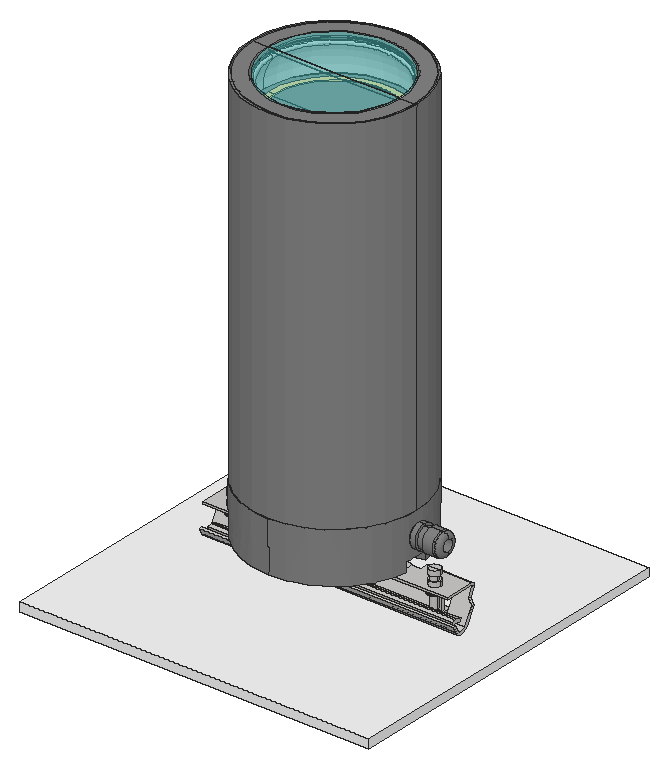
Revit family "BE_84405_de_DE", category Leuchten, Revit 2020
Family settings
  Basisbauteil = Fläche
  Bemaßung runder Anschluss = Durchmesser verwenden
  Teiletyp = Normal
  Beim Laden mit Abzugskörper schneiden = Ja
  Lichtquelle = Ja
  Gemeinsam genutzt = Nein
  Raumberechnungspunkt = Ja
Parameters (values of type "BEGA_84405_Grafit_K3")
  built-in parameter 1150104 = 15.812 (stored number, unit not read)
  Wattage = 35.7 W
  Default Elevation = 0 mm
  built-in parameter 1150113 = 1 (stored number, unit not read)
  built-in parameter 1114218 = 1 (stored number, unit not read)
  Umgebungstemperatur = "25 °C"
  URL = "https://www.bega.com/de/produkt/84405"
  Typenkommentare = "© 2022 BEGA. Wir behalten uns das Recht vor, technische Änderungen ohne vorherige Ankündigung vorzunehmen."  # constant formula
  Type Image = 84405.png
  built-in parameter 1150134 = (empty or 0)
  built-in parameter 1150109 = 1 (stored number, unit not read)
  Strom = ""
  built-in parameter 1150110 = 1 (stored number, unit not read)
  Spannung = 239.996 V
  Sonderanfertigung = no
  Seriennummer [instance] = "Hier können Sie die eindeutige Seriennummer für das Facility Management eintragen."
  Schutzklasse = "I"
  Schutzart = "IP 65"
  Scheinlast = 0 VA
  Produktdatenblatt = "https://cdn.bega.com/bega/products/84405K3/current/documents/data-sheets/de"
  Oberflächentemperatur = ""
  Neigungswinkel = 0.00°
  Modell = "84405K3"
  Material_18 = BEGA_Gummi_schwarz
  Material_17 = BEGA_Reflektor
  Material_16 = BEGA_Leuchtmedium_glanz
  Material_15 = BEGA_Leuchtmedium_matt
  Material_11 = BEGA_Glas_opal
  Material_09 = BEGA_Glas_klar
  Material_06 = BEGA_Oberfläche_Edelstahl_gebürstet
  Material_04 = BEGA_Kunststoff_Grafit_matt
  Material_03 = BEGA_Oberfläche_Weiss_matt
  Material_02 = BEGA_Oberfläche_Silber_matt
  Material_01 [instance] = BEGA_Oberfläche_Grafit_matt
  M_W = no
  M_G = yes
  M_A = no
  Logo = 0
  built-in parameter 1114217 = 1 (stored number, unit not read)
  built-in parameter 1150139 = (empty or 0)
  built-in parameter 1150105 = 483.52 (stored number, unit not read)
  built-in parameter 1150114 = 1 (stored number, unit not read)
  Lumens = 6076.14 lm
  built-in parameter 1150115 = 1 (stored number, unit not read)
  Leuchtenlichtstrom = "4294 lm"
  Leuchtenanzahl = ""
  Lebensdauerkriterien = "L70B50 @ 25 °C = 200000 h"
  Lastklassifizierung = Beleuchtung
  built-in parameter 1150112 = 1 (stored number, unit not read)
  Lampenlichtstrom = "6675 lm"
  Lampe = "LED 35.3 W"
  LED_Modulbezeichnung = "LED-0770/830"
  Hersteller = "BEGA"  # constant formula
  Halbstreuwinkel = ""
  Gewicht = "6.7 kg"
  Gebrauchslageneinschränkung [instance] = ""
  Frequenz = "0/50-60 Hz"
  Farbwiedergabeindex = "CRI > 80"
  Farbtemperaturverschiebung bei Dämpfen der Lampe = <Keine Auswahl>
  Farbtemperatur = "3000 K"
  Color Filter = 16777215
  built-in parameter 1150133 = 10 (stored number, unit not read)
  Energieeffizienzklasse = "LED A++ - A"
  built-in parameter 1150137 = (empty or 0)
  built-in parameter 1150132 = (empty or 0)
  ENEC = "ja"
  Dimmbar [instance] = "DALI"
  Datei für fotometrisches Netz = "BE_84405K3.IES"
  CE_Konformität = "ja"
  Bestellnummer = "84405K3"
  Beschreibung_Sonderanfertigung = "Hier können Sie Informationen zur Sonderanfertigung eintragen."
  Beschreibung = "Pendelleuchte für Spannseilanlagen"
  built-in parameter 1150106 = 4.8352 (stored number, unit not read)
  Befestigungsbohrung = ""
  Befestigungsabstand = ""
  Ballwurfsicher = ""
  BEGA_Intern_aus = yes
  BEGA_Intern_an = yes
  BEGA_Intern_Konstruktion = yes
  BEGA_Intern = yes
  BEGA_IES = yes
  BEGA_Dummy = no
  Anschlussleitung = ""
  Anschlussleistung [instance] = "39 W"
  Anschlusskasten = ""
  built-in parameter 1150107 = 3000 (stored number, unit not read)
  built-in parameter 1150102 = (empty or 0)
  built-in parameter 1150138 = (empty or 0)
  Aktualisierung = "2022-05-19T04:00:07"
  Abstand_zur_angestrahlten_Fläche [instance] = ""
  AC/DC = "AC/DC"
Types (2, lengths in mm): name | built-in parameter 1150104 | built-in parameter 1150134 | Modell | built-in parameter 1150105 | Lumens | Leuchtenlichtstrom | Lampenlichtstrom | LED_Modulbezeichnung | Farbtemperatur | Datei für fotometrisches Netz | Bestellnummer | built-in parameter 1150106 | built-in parameter 1150107
  BEGA_84405_Grafit_K4 | 17.001 (stored number, unit not read) | 12 | "84405K4" | 1835.5 (stored number, unit not read) | 6533.1 lm | "4416 lm" | "6865 lm" | "LED-0770/840" | "4000 K" | "BE_84405K4.IES" | "84405K4" | 18.355 (stored number, unit not read) | 4000 (stored number, unit not read)
  BEGA_84405_Grafit_K3 | 15.812 (stored number, unit not read) | (empty or 0) | "84405K3" | 483.52 (stored number, unit not read) | 6076.14 lm | "4294 lm" | "6675 lm" | "LED-0770/830" | "3000 K" | "BE_84405K3.IES" | "84405K3" | 4.8352 (stored number, unit not read) | 3000 (stored number, unit not read)
Reference planes
  plane 1 "Mitte (Vorne/Hinten)": y = 0
  plane 2: z = 0
  plane 3 "Mitte (Links/Rechts)": x = 0
  plane 4 "Links": x = -145.334
  plane 5 "Rechts": x = 145.334
  plane 6 "Unten": y = -95
  plane 7 "Oben": y = 95
  plane 8 "Vorne": z = 525.499
  plane 9 "Hinten": z = 0
Forms (mm)
  Extrusion 1, solid, material "BEGA_Platte_Weiss"
    sketch origin (0, -1119.2, 0) x (1, 0, 0) y (0, 1, 0)
      loop
        line (-200, 1319.2) -> (-200, 919.2) -> (200, 919.2) -> (200, 1319.2) -> (-200, 1319.2)
    from 0 to -10
  Extrusion 2, solid, material "BEGA_Dummy_matt", visible <- "BEGA_Dummy"
    sketch origin (77.149, -76.023, 0) x (1, 0, 0) y (0, 1, 0)
      loop
        circle (-77.149, 76.023) r 95
    from 0 to 525.499
Dimensions and locks
  plane 1 "Mitte (Vorne/Hinten)" to Extrusion 1 = 200 mm
  aligned and locked: plane 2 to Extrusion 1
  aligned and locked: level to Extrusion 1
Nested families
  nested 1: "BE_84405_Aufhängung" at (0, 0, 0), type "BE_84405_Aufhängung"
Connectors
  electrical at (0, 0, 0), driven by "Lastklassifizierung", driven by "Spannung", driven by "Scheinlast"
    settings: index 1, voltage 239.996 V, apparent load 0 VA, apparent load phase1 0 VA, apparent load phase2 0 VA, apparent load phase3 0 VA, power factor 1, load classification "Beleuchtung", number of poles 1, system type 31, power factor state 1, is connector primary yes, connector utility no, sub classification motor no, connector description ""
Definition of nested family "BE_84405_Aufhängung"
  Parameters (values of type "BE_84405_Aufhängung")
    Default Elevation = 1 mm
    URL = "http://www.bega.de/de/produkt"
    Type Comments = "© 2015 BEGA. Wir behalten uns das Recht vor, technische Änderungen ohne vorherige Ankündigung vorzunehmen. "  # constant formula
    Type Image = (empty or 0)
    Material_18 = none
    Material_17 = none
    Material_16 = none
    Material_15 = none
    Material_11 = none
    Material_09 = none
    Material_06 = none
    Material_04 = none
    Material_03 = none
    Material_02 = none
    Material_01 = none
    M_W = yes
    M_G = yes
    M_A = yes
    Länge_Platte = 500 mm  # constant formula
    Höhe_Platte = -10 mm  # constant formula
    Manufacturer = "BEGA"  # constant formula
    Breite_Platte = 200 mm  # constant formula
  Reference planes
    plane 1 "Mitte (Oben/Unten)": y = 0
    plane 2: z = 0
    plane 3 "Mitte (Links/Rechts)": x = 0
    plane 4: z = 0
    plane 5: x = -145.334
    plane 6: x = 145.334
    plane 7: z = 57.549
    plane 8: y = 25.212
    plane 9: y = -13.108
  Forms (mm)
    Extrusion 1, solid, detail levels medium
      sketch origin (0, 0, 0) x (1, 0, 0) y (0, 1, 0)
        loop
          line (-250, 100) -> (-250, -100) -> (250, -100) -> (250, 100) -> (-250, 100)
      from 0 to -10 <- "Höhe_Platte"
    Extrusion 2, solid, material <- "Material_06", detail levels medium+fine
      sketch origin (0, 0, 0) x (1, 0, 0) y (0, 0, 1)
        loop
          arc (-52.124, 49.183) -> (0, 39.999) -> (52.124, 49.183) r 152.5
          line (52.124, 49.183) -> (77.729, 38.999) -> (140, 38.999) -> (140, 41.499) -> (78.208, 41.499) -> (53.753, 51.226)
          arc (53.753, 51.226) -> (52.168, 51.544) -> (50.573, 51.281) r 4.5
          arc (50.573, 51.281) -> (0, 42.499) -> (-50.573, 51.281) r 150
          arc (-50.573, 51.281) -> (-52.168, 51.544) -> (-53.753, 51.226) r 4.5
          line (-53.753, 51.226) -> (-78.208, 41.499) -> (-145.334, 41.499) -> (-145.334, 38.999) -> (-77.729, 38.999) -> (-52.124, 49.183)
      from -13.491 to 13.108
    Extrusion 3, solid, material <- "Material_06", detail levels medium+fine
      sketch origin (0, 0, 0) x (0, 1, 0) y (0, 0, -1)
        loop
          line (-13.108, -41.507) -> (21.712, -41.507)
          arc (21.712, -41.507) -> (24.724, -39.79) -> (24.78, -36.323) r 3.5
          line (24.78, -36.323) -> (7.466, -4.435)
          arc (7.466, -4.435) -> (-0.153, -0.001) -> (-7.606, -4.707) r 8.5
          line (-7.606, -4.707) -> (-10.906, -11.326) -> (-8.669, -12.441) -> (-5.369, -5.822)
          arc (-5.369, -5.822) -> (-0.096, -2.5) -> (5.282, -5.652) r 6
          line (5.282, -5.652) -> (22.59, -37.53)
          arc (22.59, -37.53) -> (22.536, -38.574) -> (21.581, -38.999) r 1
          line (21.581, -38.999) -> (-13.108, -38.999) -> (-13.108, -41.507)
      from -145.303 to 145.334
    Extrusion 4, void
      sketch origin (0, 0, 0) x (1, 0, 0) y (0, 0, 1)
        loop
          spline (-86.242, 45.19) -> (-87.395, 44) -> (-88.259, 42.634) -> (-88.801, 41.146) -> (-88.999, 39.593) -> (-88.846, 38.035) -> (-88.347, 36.535) -> (-87.523, 35.15) -> (-86.404, 33.935) -> (-85.036, 32.937) -> (-83.47, 32.195) -> (-81.77, 31.737) -> (-80, 31.583)
          line (-80, 31.583) -> (80, 31.583)
          spline (80, 31.583) -> (81.77, 31.737) -> (83.47, 32.195) -> (85.036, 32.937) -> (86.404, 33.935) -> (87.523, 35.15) -> (88.347, 36.535) -> (88.846, 38.035) -> (88.999, 39.593) -> (88.801, 41.146) -> (88.259, 42.634) -> (87.395, 44) -> (86.242, 45.19)
          line (86.242, 45.19) -> (-86.242, 45.19)
      from -35.119 to 23.187
    Extrusion 5, solid, material <- "Material_06", detail levels medium+fine
      sketch origin (0, 0, 0) x (0, 1, 0) y (0, 0, 1)
        loop
          line (5.506, 12.192) -> (1.035, 13.39)
          arc (1.035, 13.39) -> (0, 13.526) -> (-1.035, 13.39) r 4
          line (-1.035, 13.39) -> (-5.506, 12.192) -> (-4.729, 9.294) -> (-0.518, 10.423)
          arc (-0.518, 10.423) -> (0, 10.491) -> (0.518, 10.423) r 2
          line (0.518, 10.423) -> (4.729, 9.294) -> (5.506, 12.192)
      from -140 to 140
    Extrusion 6, solid, material <- "Material_06", detail levels medium+fine
      sketch origin (0, 0, 0) x (0, 1, 0) y (0, 0, -1)
        loop
          line (7.773, -28.594) -> (7.773, -5.628) -> (5.273, -5.628) -> (5.273, -28.594) -> (7.773, -28.594)
      from 110.5 to 119.5
    Extrusion 7, solid, material <- "Material_06", detail levels medium+fine
      sketch origin (60.004, 0, 0) x (0, 1, 0) y (0, 0, -1)
        loop
          line (13.848, -12.848) -> (13.848, -10.427) -> (1.872, -10.427) -> (1.872, -12.848) -> (13.848, -12.848)
      from 167.797 to 182.211
    Revolve 8, solid, material <- "Material_06", detail levels fine
      sketch origin (0, 0, 0) x (-1, 0, 0) y (0, 0, -1)
        loop
          line (-121.5, -57.549) -> (-115, -57.549) -> (-115, -16.999) -> (-118.23, -16.999) -> (-119, -17.769) -> (-119, -32.699) -> (-122, -32.699)
          arc (-122, -32.699) -> (-122.707, -32.992) -> (-123, -33.699) r 1
          line (-123, -33.699) -> (-123, -38.999) -> (-121.5, -38.999) -> (-121.5, -45.999) -> (-119, -45.999) -> (-119, -52.599) -> (-121.5, -52.599) -> (-121.5, -57.549)
        axis (-115, -16.999) -> (-115, -57.549)
      angle from 0 to 360
    Extrusion 9, void
      sketch origin (0, 0, 0) x (1, 0, 0) y (0, 1, 0)
        loop
          arc (-42.792, 3.75) -> (-46.542, 0) -> (-42.792, -3.75) r 3.75
          line (-42.792, -3.75) -> (-25, -3.75)
          arc (-25, -3.75) -> (-21.25, 0) -> (-25, 3.75) r 3.75
          line (-25, 3.75) -> (-42.792, 3.75)
        loop
          line (42.792, 3.75) -> (25, 3.75)
          arc (25, 3.75) -> (21.25, 0) -> (25, -3.75) r 3.75
          line (25, -3.75) -> (42.792, -3.75)
          arc (42.792, -3.75) -> (46.542, 0) -> (42.792, 3.75) r 3.75
      from 39.861 to 51.86
    Revolve 10, solid, material <- "Material_06", detail levels fine
      sketch origin (0, 0, 0) x (-1, 0, 0) y (0, 0, 1)
        loop
          line (-30.367, 55.525) -> (-32.69, 56.04) -> (-33.43, 55.569) -> (-36.001, 43.97) -> (-38.709, 44.57) -> (-39.607, 40.519) -> (-33.97, 39.269) -> (-30.367, 55.525)
        axis (-30.367, 55.525) -> (-33.97, 39.269)
      angle from 0 to 360
    Extrusion 11, void
      sketch origin (0, 0, 0) x (1, 0, 0) y (0, 0, 1)
        loop
          arc (140, 27.678) -> (143.113, 24.447) -> (146.957, 22.132) r 17.166
          line (146.957, 22.132) -> (146.957, 42.644) -> (140, 42.644) -> (140, 27.678)
        loop
          line (-140, 27.678) -> (-140, 42.644) -> (-146.957, 42.644) -> (-146.957, 22.132)
          arc (-146.957, 22.132) -> (-143.113, 24.447) -> (-140, 27.678) r 17.166
      from -35.611 to 16.358
    Revolve 12, solid, material <- "Material_06", detail levels fine
      sketch origin (0, 0, 0) x (1, 0, 0) y (0, 0, 1)
        loop
          line (-30.367, 55.525) -> (-32.69, 56.04) -> (-33.43, 55.569) -> (-36.001, 43.97) -> (-38.709, 44.57) -> (-39.607, 40.519) -> (-33.97, 39.269) -> (-30.367, 55.525)
        axis (-30.367, 55.525) -> (-33.97, 39.269)
      angle from 0 to 360
    Revolve 13, solid, material <- "Material_06", detail levels fine
      sketch origin (0, 0, 0) x (1, 0, 0) y (0, 0, 1)
        loop
          line (-121.5, 57.549) -> (-121.5, 52.599) -> (-119, 52.599) -> (-119, 45.999) -> (-121.5, 45.999) -> (-121.5, 38.999) -> (-123, 38.999) -> (-123, 33.699)
          arc (-123, 33.699) -> (-122.707, 32.992) -> (-122, 32.699) r 1
          line (-122, 32.699) -> (-119, 32.699) -> (-119, 17.769) -> (-118.23, 16.999) -> (-115, 16.999) -> (-115, 57.549) -> (-121.5, 57.549)
        axis (-115, 16.999) -> (-115, 57.549)
      angle from 0 to 360
    Extrusion 14, void
      sketch origin (0, 0, 0) x (1, 0, 0) y (0, 0, 1)
        loop
          line (-106.5, 5.628) -> (-106.5, 22.622)
          arc (-106.5, 22.622) -> (-115, 28.679) -> (-123.5, 22.622) r 8.993
          line (-123.5, 22.622) -> (-123.5, 5.628) -> (-106.5, 5.628)
      from -3.75 to -30.956
    Extrusion 15, void
      sketch origin (0, 0, 0) x (-1, 0, 0) y (0, 0, -1)
        loop
          line (-106.5, -5.628) -> (-123.5, -5.628) -> (-123.5, -22.622)
          arc (-123.5, -22.622) -> (-115, -28.679) -> (-106.5, -22.622) r 8.993
          line (-106.5, -22.622) -> (-106.5, -5.628)
      from -3.75 to -28.962
    Extrusion 16, solid, material <- "Material_06", detail levels medium+fine
      sketch origin (0, 0, 0) x (0, 1, 0) y (0, 0, 1)
        loop
          line (7.773, 28.594) -> (5.273, 28.594) -> (5.273, 5.628) -> (7.773, 5.628) -> (7.773, 28.594)
      from 110.5 to 119.5
    Extrusion 17, solid, material <- "Material_06", detail levels medium+fine
      sketch origin (-60.004, 0, 0) x (0, 1, 0) y (0, 0, 1)
        loop
          line (13.848, 12.848) -> (1.872, 12.848) -> (1.872, 10.427) -> (13.848, 10.427) -> (13.848, 12.848)
      from 167.797 to 182.211
  Cuts and joins
    Extrusion 9, Extrusion 11, Extrusion 14, Extrusion 15 cuts Extrusion 2
    Extrusion 4, Extrusion 9, Extrusion 11, Extrusion 14, Extrusion 15 cuts Extrusion 3
    Extrusion 9, Extrusion 15 cuts Extrusion 6
    joined: Extrusion 2, Extrusion 3, Extrusion 6, Extrusion 16
    Extrusion 9, Extrusion 14, Extrusion 15 cuts Extrusion 5
    Extrusion 9, Extrusion 11, Extrusion 15 cuts Extrusion 7
    joined: Extrusion 5, Extrusion 7, Extrusion 17
    Extrusion 14, Extrusion 15 cuts Revolve 13
  Dimensions and locks
    equal spacing: Extrusion 1 sketch curve, plane 3 "Mitte (Links/Rechts)", Extrusion 1 sketch curve
    equal spacing: Extrusion 1 sketch curve, plane 1 "Mitte (Oben/Unten)", Extrusion 1 sketch curve
    "Länge_Platte": Extrusion 1 sketch curve to Extrusion 1 sketch curve
    "Breite_Platte": Extrusion 1 sketch curve to Extrusion 1 sketch curve
    aligned and locked: Extrusion 1 to plane 2
    aligned and locked: level to Extrusion 1
  Automatic sketch dimensions
    Extrusion 4 sketch curve to plane 3 "Mitte (Links/Rechts)" = 86.242 mm
    plane 3 "Mitte (Links/Rechts)" to Extrusion 4 sketch curve = 86.242 mm
    Extrusion 4 sketch curve to Extrusion 4 sketch curve = 2.758 mm
    Extrusion 4 sketch curve to Extrusion 4 sketch curve = 9 mm  (x2)
    Extrusion 4 sketch curve to Extrusion 4 sketch curve = 0 mm  (x3)
    Extrusion 4 sketch curve to Extrusion 4 sketch curve = 15.242 mm
    Extrusion 4 sketch curve to Extrusion 4 sketch curve = 5.698 mm  (x2)
    Extrusion 5 sketch curve to plane 1 "Mitte (Oben/Unten)" = 0 mm  (x2)
    plane 1 "Mitte (Oben/Unten)" to Extrusion 5 sketch curve = 4.729 mm
    Extrusion 5 sketch curve to Extrusion 5 sketch curve = 0.776 mm  (x2)
    Extrusion 5 sketch curve to plane 1 "Mitte (Oben/Unten)" = 4.729 mm
    level to Extrusion 5 sketch curve = 8.491 mm
    Extrusion 5 sketch curve to Extrusion 5 sketch curve = 0.803 mm  (x2)
    Extrusion 5 sketch curve to Extrusion 5 sketch curve = 1.035 mm
    Extrusion 5 sketch curve to Extrusion 5 sketch curve = 2.898 mm  (x2)
    plane 1 "Mitte (Oben/Unten)" to Extrusion 5 sketch curve = 0.518 mm
    Extrusion 5 sketch curve to Extrusion 5 sketch curve = 0 mm  (x8)
    plane 1 "Mitte (Oben/Unten)" to Extrusion 5 sketch curve = 1.035 mm
    Extrusion 5 sketch curve to plane 1 "Mitte (Oben/Unten)" = 0.518 mm
    Extrusion 5 sketch curve to plane 1 "Mitte (Oben/Unten)" = 1.035 mm
    Extrusion 5 sketch curve to Extrusion 5 sketch curve = 0.897 mm
    Extrusion 5 sketch curve to Extrusion 5 sketch curve = 2.967 mm
    Extrusion 6 sketch curve to plane 1 "Mitte (Oben/Unten)" = 5.273 mm
    Extrusion 6 sketch curve to Extrusion 6 sketch curve = 2.5 mm
    level to Extrusion 6 sketch curve = 28.594 mm
    level to Extrusion 6 sketch curve = 5.628 mm
    Extrusion 7 sketch curve to plane 1 "Mitte (Oben/Unten)" = 1.872 mm
    level to Extrusion 7 sketch curve = 12.848 mm
    Extrusion 7 sketch curve to Extrusion 7 sketch curve = 2.421 mm
    Revolve 8 sketch curve to Revolve 8 sketch curve = 1 mm
    Revolve 8 sketch curve to Revolve 8 sketch curve = 1.5 mm
    Revolve 8 sketch curve to Revolve 8 sketch curve = 0 mm  (x2)
    Revolve 8 sketch curve to Revolve 8 sketch curve = 3 mm
    Revolve 8 sketch curve to Revolve 8 sketch curve = 2.5 mm
    level to Revolve 8 sketch curve = 16.999 mm
    Revolve 8 sketch curve to Revolve 8 sketch curve = 0.77 mm  (x2)
    Revolve 8 sketch curve to Revolve 8 sketch curve = 4 mm
    Revolve 8 sketch curve to Revolve 8 sketch curve = 14.93 mm
    Revolve 8 sketch curve to Revolve 8 sketch curve = 5.3 mm
    Revolve 8 sketch curve to Revolve 8 sketch curve = 7 mm
    Revolve 8 sketch curve to Revolve 8 sketch curve = 6.6 mm
    Revolve 8 sketch curve to Revolve 8 sketch curve = 4.95 mm
    Revolve 8 sketch curve to Revolve 8 sketch curve = 2.95 mm
    Revolve 8 sketch curve to Revolve 8 sketch curve = 2 mm
    plane 1 "Mitte (Oben/Unten)" to Extrusion 9 sketch curve = 0 mm  (x2)
    Extrusion 9 sketch curve to plane 1 "Mitte (Oben/Unten)" = 3.75 mm  (x2)
    Extrusion 9 sketch curve to plane 3 "Mitte (Links/Rechts)" = 42.792 mm
    Extrusion 9 sketch curve to Extrusion 9 sketch curve = 17.792 mm  (x2)
    plane 3 "Mitte (Links/Rechts)" to Extrusion 9 sketch curve = 25 mm
    Revolve 10 sketch curve to plane 3 "Mitte (Links/Rechts)" = 39.607 mm
    Revolve 10 sketch curve to Revolve 10 sketch curve = 0.898 mm
    Revolve 10 sketch curve to Revolve 10 sketch curve = 2.708 mm
    Revolve 10 sketch curve to Revolve 10 sketch curve = 2.031 mm
    Revolve 10 sketch curve to Revolve 10 sketch curve = 2.571 mm
    Revolve 10 sketch curve to Revolve 10 sketch curve = 0.74 mm
    Revolve 10 sketch curve to Revolve 10 sketch curve = 2.324 mm
    Revolve 10 sketch curve to level = 39.269 mm
    Revolve 10 sketch curve to Revolve 10 sketch curve = 1.25 mm
    Revolve 10 sketch curve to Revolve 10 sketch curve = 3.451 mm
    Revolve 10 sketch curve to Revolve 10 sketch curve = 0.6 mm
    Revolve 10 sketch curve to Revolve 10 sketch curve = 11.554 mm
    Revolve 10 sketch curve to Revolve 10 sketch curve = 0.044 mm
    Revolve 10 sketch curve to Revolve 10 sketch curve = 0.471 mm
    Revolve 10 sketch curve to Revolve 10 sketch curve = 0.631 mm
    Revolve 10 sketch curve to Revolve 10 sketch curve = 1.266 mm
    Revolve 10 sketch curve to Revolve 10 sketch curve = 2.846 mm
    Revolve 10 sketch curve to Revolve 10 sketch curve = 5.711 mm
    Revolve 12 sketch curve to plane 3 "Mitte (Links/Rechts)" = 39.607 mm
    Revolve 12 sketch curve to Revolve 12 sketch curve = 0.898 mm
    Revolve 12 sketch curve to Revolve 12 sketch curve = 2.708 mm
    Revolve 12 sketch curve to Revolve 12 sketch curve = 2.031 mm
    Revolve 12 sketch curve to Revolve 12 sketch curve = 2.571 mm
    Revolve 12 sketch curve to Revolve 12 sketch curve = 0.74 mm
    Revolve 12 sketch curve to Revolve 12 sketch curve = 2.324 mm
    level to Revolve 12 sketch curve = 39.269 mm
    Revolve 12 sketch curve to Revolve 12 sketch curve = 1.25 mm
    Revolve 12 sketch curve to Revolve 12 sketch curve = 3.451 mm
    Revolve 12 sketch curve to Revolve 12 sketch curve = 0.6 mm
    Revolve 12 sketch curve to Revolve 12 sketch curve = 11.554 mm
    Revolve 12 sketch curve to Revolve 12 sketch curve = 0.044 mm
    Revolve 12 sketch curve to Revolve 12 sketch curve = 0.471 mm
    Revolve 12 sketch curve to Revolve 12 sketch curve = 0.631 mm
    Revolve 12 sketch curve to Revolve 12 sketch curve = 1.266 mm
    Revolve 12 sketch curve to Revolve 12 sketch curve = 2.846 mm
    Revolve 12 sketch curve to Revolve 12 sketch curve = 5.711 mm
    Revolve 13 sketch curve to Revolve 13 sketch curve = 1 mm
    Revolve 13 sketch curve to Revolve 13 sketch curve = 1.5 mm
    Revolve 13 sketch curve to Revolve 13 sketch curve = 0 mm  (x2)
    Revolve 13 sketch curve to Revolve 13 sketch curve = 3 mm
    Revolve 13 sketch curve to Revolve 13 sketch curve = 2.5 mm
    level to Revolve 13 sketch curve = 16.999 mm
    Revolve 13 sketch curve to Revolve 13 sketch curve = 0.77 mm  (x2)
    Revolve 13 sketch curve to Revolve 13 sketch curve = 4 mm
    Revolve 13 sketch curve to Revolve 13 sketch curve = 14.93 mm
    Revolve 13 sketch curve to Revolve 13 sketch curve = 5.3 mm
    Revolve 13 sketch curve to Revolve 13 sketch curve = 7 mm
    Revolve 13 sketch curve to Revolve 13 sketch curve = 6.6 mm
    Revolve 13 sketch curve to Revolve 13 sketch curve = 4.95 mm
    Revolve 13 sketch curve to Revolve 13 sketch curve = 2 mm
    Revolve 13 sketch curve to Revolve 13 sketch curve = 2.95 mm
    level to Extrusion 14 sketch curve = 5.628 mm
    Extrusion 14 sketch curve to Extrusion 14 sketch curve = 8.5 mm  (x2)
    Extrusion 14 sketch curve to Extrusion 14 sketch curve = 14.058 mm
    Extrusion 14 sketch curve to Extrusion 14 sketch curve = 2.936 mm
    Extrusion 14 sketch curve to Extrusion 14 sketch curve = 0 mm
    Extrusion 15 sketch curve to level = 5.628 mm
    Extrusion 15 sketch curve to Extrusion 15 sketch curve = 8.5 mm  (x2)
    Extrusion 15 sketch curve to Extrusion 15 sketch curve = 14.058 mm
    Extrusion 15 sketch curve to Extrusion 15 sketch curve = 2.936 mm
    Extrusion 15 sketch curve to Extrusion 15 sketch curve = 0 mm
    Extrusion 16 sketch curve to plane 1 "Mitte (Oben/Unten)" = 5.273 mm
    Extrusion 16 sketch curve to Extrusion 16 sketch curve = 2.5 mm
    level to Extrusion 16 sketch curve = 5.628 mm
    Extrusion 16 sketch curve to Extrusion 16 sketch curve = 22.966 mm
    Extrusion 17 sketch curve to plane 1 "Mitte (Oben/Unten)" = 1.872 mm
    level to Extrusion 17 sketch curve = 10.427 mm
    Extrusion 17 sketch curve to Extrusion 17 sketch curve = 2.421 mm
    Extrusion 3 sketch curve to Extrusion 3 sketch curve = 0 mm  (x12)
    Extrusion 3 sketch curve to Extrusion 3 sketch curve = 2.237 mm  (x2)
    Extrusion 3 sketch curve to plane 1 "Mitte (Oben/Unten)" = 0.001 mm
    level to Extrusion 3 sketch curve = 12.441 mm
    Extrusion 3 sketch curve to Extrusion 3 sketch curve = 1.116 mm
    Extrusion 3 sketch curve to plane 1 "Mitte (Oben/Unten)" = 5.282 mm
    Extrusion 3 sketch curve to Extrusion 3 sketch curve = 2.184 mm
    Extrusion 3 sketch curve to Extrusion 3 sketch curve = 0.131 mm
    Extrusion 3 sketch curve to Extrusion 3 sketch curve = 0.879 mm
    Extrusion 3 sketch curve to Extrusion 3 sketch curve = 2.189 mm
    Extrusion 3 sketch curve to Extrusion 3 sketch curve = 0.991 mm
    Extrusion 3 sketch curve to Extrusion 3 sketch curve = 1.207 mm
    Extrusion 3 sketch curve to Extrusion 3 sketch curve = 2.848 mm
    level to Extrusion 3 sketch curve = 5.822 mm
    Extrusion 3 sketch curve to Extrusion 3 sketch curve = 1.115 mm
    Extrusion 11 sketch curve to Extrusion 11 sketch curve = 6.856 mm  (x2)
    Extrusion 11 sketch curve to Extrusion 11 sketch curve = 6.957 mm  (x2)
    level to Extrusion 11 sketch curve = 22.132 mm  (x2)
    Extrusion 11 sketch curve to Extrusion 11 sketch curve = 5.546 mm  (x2)
    Extrusion 11 sketch curve to Extrusion 11 sketch curve = 4.774 mm  (x2)
    Extrusion 11 sketch curve to plane 3 "Mitte (Links/Rechts)" = 140 mm
    Revolve 13 sketch curve to plane 3 "Mitte (Links/Rechts)" = 123 mm
    Extrusion 14 sketch curve to plane 3 "Mitte (Links/Rechts)" = 123.5 mm
    plane 3 "Mitte (Links/Rechts)" to Revolve 8 sketch curve = 123 mm
    plane 3 "Mitte (Links/Rechts)" to Extrusion 11 sketch curve = 140 mm
    Extrusion 15 sketch curve to plane 3 "Mitte (Links/Rechts)" = 123.5 mm
    Extrusion 3 sketch curve to Extrusion 3 sketch curve = 31.888 mm
    level to Extrusion 4 sketch curve = 45.19 mm
    Extrusion 3 sketch curve to plane 1 "Mitte (Oben/Unten)" = 21.581 mm
    Extrusion 7 sketch curve to Extrusion 7 sketch curve = 11.977 mm
    Extrusion 17 sketch curve to Extrusion 17 sketch curve = 11.977 mm
    plane 1 "Mitte (Oben/Unten)" to Extrusion 3 sketch curve = 8.669 mm
    plane 1 "Mitte (Oben/Unten)" to Extrusion 3 sketch curve = 13.108 mm
    Extrusion 3 sketch curve to plane 7 = 21.226 mm
    Extrusion 2 sketch curve to Extrusion 2 sketch curve = 0 mm  (x5)
    plane 5 to Extrusion 2 sketch curve = 0 mm
    Extrusion 2 sketch curve to plane 7 = 16.05 mm  (x2)
    Extrusion 2 sketch curve to plane 5 = 67.126 mm
    Extrusion 2 sketch curve to Extrusion 2 sketch curve = 0.479 mm  (x2)
    Extrusion 2 sketch curve to plane 7 = 8.365 mm  (x2)
    Extrusion 2 sketch curve to Extrusion 2 sketch curve = 26.084 mm
    Extrusion 2 sketch curve to Extrusion 2 sketch curve = 0.034 mm
    plane 3 "Mitte (Links/Rechts)" to Extrusion 2 sketch curve = 0 mm
    Extrusion 2 sketch curve to plane 7 = 10.504 mm
    plane 3 "Mitte (Links/Rechts)" to Extrusion 2 sketch curve = 52.09 mm
    Extrusion 2 sketch curve to plane 7 = 6.323 mm  (x2)
    Extrusion 2 sketch curve to Extrusion 2 sketch curve = 1.629 mm  (x2)
    Extrusion 2 sketch curve to plane 7 = 18.55 mm
    Extrusion 2 sketch curve to Extrusion 2 sketch curve = 25.639 mm
    Extrusion 2 sketch curve to plane 6 = 5.334 mm
    Extrusion 2 sketch curve to Extrusion 2 sketch curve = 2.5 mm
    Extrusion 2 sketch curve to Extrusion 2 sketch curve = 2.139 mm
    plane 7 to Extrusion 2 sketch curve = 134.95 mm
    Extrusion 2 sketch curve to Extrusion 2 sketch curve = 1.552 mm
  Nested families
    nested 1: "BE_84405_Pendelleuchte" at (0, 0, 42.499), type "BE_84405_Pendelleuchte"
  Definition of nested family "BE_84405_Pendelleuchte"
    Parameters (values of type "BE_84405_Pendelleuchte")
      Default Elevation = 0 mm
      URL = "http://www.bega.de/de/produkt"
      Type Comments = "© 2015 BEGA. Wir behalten uns das Recht vor, technische Änderungen ohne vorherige Ankündigung vorzunehmen. "  # constant formula
      Type Image = (empty or 0)
      Material_17 = none
      Material_16 = none
      Material_15 = none
      Material_09 = none
      Material_06 = none
      Material_04 = none
      Material_02 = none
      Material_01 = none
      M_W = yes
      M_G = yes
      M_A = yes
      Laenge = 0.1 mm
      Manufacturer = "Bega"  # constant formula
      BEGA_IES2 = yes
      BEGA_IES1 = yes
    Reference planes
      plane 1 "Center (Front/Back)": y = 0
      plane 2: y = 0
      plane 3 "Center (Left/Right)": x = 0
      plane 4: z = 0
    Forms (mm)
      Revolve 1, solid, material <- "Material_01", detail levels medium+fine
        sketch origin (0, 0, 0) x (0, 1, 0) y (0, 0, 1)
          loop
            line (94.493, 9.01) -> (95, 67.108) -> (92, 67.108) -> (92, 78.498) -> (89.398, 78.498) -> (87.675, 29.172)
            arc (87.675, 29.172) -> (44.013, 23.294) -> (0, 21.33) r 494
            line (0, 21.33) -> (0, 0)
            arc (0, 0) -> (47.461, 2.258) -> (94.493, 9.01) r 500
          axis (0, 0) -> (0, 78.498)
        angle from 0 to 360
      Extrusion 2, void
        sketch origin (0, 0, 0) x (0, 1, 0) y (0, 0, 1)
          loop
            line (-14, 20.1) -> (-14.79, -2.522) -> (14.79, -2.522) -> (14, 20.1) -> (-14, 20.1)
        from -96.2 to 97.7
      Extrusion 3, solid, material <- "Material_01", detail levels medium+fine
        sketch origin (0, 0, 0) x (1, 0, 0) y (0, 0, 1)
          loop
            line (76.544, 25.108) -> (-76.544, 25.108)
            arc (-76.544, 25.108) -> (0, 4.108) -> (76.544, 25.108) r 150
        from -13.5 to 13.5
      Revolve 4, void
        sketch origin (0, 0, 0) x (1, 0, 0) y (0, 0, 1)
          loop
            line (-29.07, 8.43) -> (-26.905, 18.193) -> (-29.98, 18.875) -> (-32.646, 6.851) -> (-27.309, 5.668) -> (-29.07, 8.43)
          axis (-29.98, 18.875) -> (-32.646, 6.851)
        angle from 0 to 360
      Revolve 5, void
        sketch origin (0, 0, 0) x (-1, 0, 0) y (0, 0, 1)
          loop
            line (-29.07, 8.43) -> (-26.905, 18.193) -> (-29.98, 18.875) -> (-32.646, 6.851) -> (-27.309, 5.668) -> (-29.07, 8.43)
          axis (-29.98, 18.875) -> (-32.646, 6.851)
        angle from 0 to 360
      Extrusion 6, void
        sketch origin (0, 0, 0) x (1, 0, 0) y (0, 1, 0)
          loop
            circle (-53.033, 53.033) r 5.807
          loop
            circle (53.033, 53.033) r 5.807
          loop
            circle (-53.033, -53.033) r 5.807
          loop
            circle (53.033, -53.033) r 5.807
        from 0 to 17.465
      Extrusion 7, solid, material <- "Material_06", detail levels fine
        sketch origin (0, 0, 0) x (1, 0, 0) y (0, 1, 0)
          loop
            circle (-53.033, 53.033) r 5
          loop
            circle (53.033, 53.033) r 5
          loop
            circle (-53.033, -53.033) r 5
          loop
            circle (53.033, -53.033) r 5
        from 7.181 to 17.465
      Revolve 8, solid, material <- "Material_04", detail levels medium+fine
        sketch origin (0, 0, 0) x (1, 0, 0) y (0, 0, 1)
          loop
            line (92.31, 50) -> (130.127, 50)
            arc (130.127, 50) -> (129.024, 54.071) -> (125.2, 55.85) r 5
            line (125.2, 55.85) -> (123.613, 56.5) -> (111.7, 56.5) -> (111.7, 54.3) -> (103.7, 54.3) -> (103.7, 56.5) -> (97.7, 56.5) -> (97.7, 54.3) -> (92.31, 54.3) -> (92.31, 50)
          axis (92.31, 43) -> (130.127, 43)
        angle from 0 to 360
      Revolve 9, solid, material <- "Material_06", detail levels fine
        sketch origin (0, 0, 0) x (1, 0, 0) y (0, 0, 1)
          loop
            arc (-98.1, 56) -> (-99.746, 49.592) -> (-100.3, 43) r 39.509
            line (-100.3, 43) -> (-93.856, 43) -> (-93.856, 56) -> (-98.1, 56)
          axis (-100.3, 43) -> (-93.856, 43)
        angle from 0 to 360
      Revolve 10, solid, material <- "Material_01", detail levels medium+fine
        sketch origin (0, 0, 0) x (1, 0, 0) y (0, 0, 1)
          loop
            line (-95, 67.408) -> (-92, 67.408) -> (-92, 446.303) -> (-93.5, 446.303) -> (-93.5, 483.3) -> (-95, 483.3) -> (-95, 67.408)
          loop
            line (-92.25, 483) -> (-92.25, 456.003) -> (-88.299, 431.153) -> (0, 428.07) -> (0, 434.3) -> (-85.757, 434.3) -> (-85.757, 475.647) -> (-74.64, 475.647) -> (-73.211, 478.3) -> (-74.649, 478.3) -> (-76.346, 483) -> (-92.25, 483)
          axis (0, 483.3) -> (0, 67.408)
        angle from 0 to 360
      Revolve 11, solid, material <- "Material_17", detail levels medium+fine
        sketch origin (0, 0, 0) x (1, 0, 0) y (0, 0, 1)
          loop
            arc (-71.463, 472.14) -> (-71.314, 474.217) -> (-73.094, 475.3) r 2
            line (-73.094, 475.3) -> (-85, 475.3) -> (-85, 474.3) -> (-73.092, 474.3)
            arc (-73.092, 474.3) -> (-72.203, 473.759) -> (-72.277, 472.721) r 1
            arc (-72.277, 472.721) -> (-79.777, 458.309) -> (-82.824, 442.35) r 56
            line (-82.824, 442.35) -> (-82.999, 437.335) -> (-81.813, 437.293)
            arc (-81.813, 437.293) -> (-79.6, 455.596) -> (-71.463, 472.14) r 55
          axis (0, 437.293) -> (0, 475.3)
        angle from 0 to 360
      Revolve 12, solid, material <- "Material_15", detail levels medium+fine
        sketch origin (0, 0, 0) x (1, 0, 0) y (0, 0, 1)
          loop
            line (-75.011, 437.335) -> (-75.011, 436.362) -> (-68.2, 436.362) -> (-68.2, 437.335) -> (-75.011, 437.335)
          axis (0, 436.362) -> (0, 437.362)
        angle from 0 to 360
      Revolve 13, solid, material <- "Material_09", detail levels medium+fine
        sketch origin (0, 0, 0) x (1, 0, 0) y (0, 0, 1)
          loop
            line (-74.5, 483) -> (-74.5, 478.945) -> (0, 478.945) -> (0, 483) -> (-74.5, 483)
          axis (0, 483) -> (0, 478.945)
        angle from 0 to 360
    Cuts and joins
      Extrusion 2, Revolve 4, Revolve 5, Extrusion 6 cuts Revolve 1
      Revolve 4, Revolve 5, Extrusion 6 cuts Extrusion 3
      joined: Revolve 1, Extrusion 3
